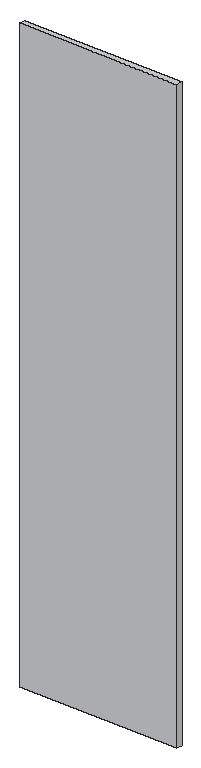
Revit family "Infil Panel", category Casework, Revit 2016
Family settings
  OmniClass Number = 23.40.35.00
  OmniClass Title = Casework
  Work Plane-Based = No
  Always vertical = Yes
  Cut with Voids When Loaded = No
  Shared = No
  Room Calculation Point = No
Parameters (values of type "LW19IP")
  WarrantyGuarantorParts = "www.bisley.com"  # constant formula
  WarrantyGuarantorLabour = "www.bisley.com"  # constant formula
  WarrantyDurationUnit = "Years"  # constant formula
  WarrantyDurationParts = "5"  # constant formula
  WarrantyDurationLabour = "5"  # constant formula
  WarrantyDescription = "5 Years Parts & Labour"  # constant formula
  Uniclass2015Version = "3.1"  # constant formula
  Uniclass2015Title = "Lockers"  # constant formula
  Uniclass2015Code = "Pr_40_30_78_48"  # constant formula
  URL = "www.bisley.com"
  SustainabilityPerformance = "FSC Approved"  # constant formula
  SerialNumber = ""
  NominalWidth = Width  # 500 mm
  NominalLength = Depth  # 18 mm
  NominalHeight = Height  # 1900 mm
  Name = "Infil Panel"  # constant formula
  NBSReference = "45-35-80/380"  # constant formula
  NBSDescription = "General fittings, furnishings and equipment system"  # constant formula
  ModelReference = "LW19IP"
  Model = "Abode"  # constant formula
  Material = "MFC"  # constant formula
  ManufacturerURL = "www.bisley.com"  # constant formula
  Manufacturer = "Bisley"  # constant formula
  ManufactureName = "Bisley"  # constant formula
  Finish = "Matt"  # constant formula
  DurationUnit = "Years"  # constant formula
  Depth = 18 mm
  Height = 1900 mm
  Width = 500 mm
  Carcass Material = "MFC"  # constant formula
  Author = "Bisley"  # constant formula
  AssetType = "Fixed"  # constant formula
Types (3, lengths in mm): name | NominalHeight | ModelReference | Height
  (no name) | 1900 | "LW19IP" | 1900
  LW19IP | 1900 | "LW19IP" | 1900
  LW23IP | 2300 | "LW23IP" | 2300
Reference planes
  plane 1 "Back": y = 0
  plane 2: z = 0
  plane 3 "Center (Left/Right)": x = 44.7
  plane 4 "Front": y = -18
  plane 5 "Left": x = -205.3
  plane 6 "Right": x = 294.7
  plane 7 "Top": z = 1900
Forms (mm)
  Extrusion 1, solid, not visible
    sketch origin (-1691.73, 346.204, -12) x (1, 0, 0) y (0, 0, 1)
      loop
        line (48, 12) -> (56, 12) -> (56, 20) -> (48, 20) -> (48, 12)
    from 0 to 26
  Extrusion 2, solid, not visible
    sketch origin (-1683.73, 346.204, -12) x (-1, 0, 0) y (0, 0, -1)
      loop
        line (48, -12) -> (48, -20) -> (56, -20) -> (56, -12) -> (48, -12)
    from 0 to 26
  Extrusion 3, solid, not visible
    sketch origin (-1687.73, 350.204, -3.997) x (0, 1, 0) y (0, 0, 1)
      loop
        line (-26, 3.997) -> (-26, 11.997) -> (-34, 11.997) -> (-34, 3.997) -> (-26, 3.997)
    from -52 to 52
  Extrusion 4, solid
    sketch origin (0, 0, 0) x (1, 0, 0) y (0, 1, 0)
      loop
        line (-205.3, -18) -> (294.7, -18) -> (294.7, 0) -> (-205.3, 0) -> (-205.3, -18)
    from 0 to 1900
Dimensions and locks
  "Width": plane 6 "Right" to plane 5 "Left"
  equal spacing: plane 6 "Right", plane 3 "Center (Left/Right)", plane 5 "Left"
  "Depth": plane 4 "Front" to plane 1 "Back"
  "Height": level to plane 7 "Top"
  aligned and locked: level to plane 2
  aligned and locked: plane 4 "Front" to Extrusion 4 sketch curve
  aligned and locked: Extrusion 4 sketch curve to plane 5 "Left"
  aligned and locked: Extrusion 4 sketch curve to plane 1 "Back"
  aligned and locked: plane 6 "Right" to Extrusion 4 sketch curve
  aligned and locked: Extrusion 4 to level
  aligned and locked: Extrusion 4 to plane 7 "Top"
Automatic sketch dimensions
  Extrusion 1 sketch curve to Extrusion 1 sketch curve = 8 mm  (x2)
  Extrusion 2 sketch curve to Extrusion 2 sketch curve = 8 mm  (x2)
  Extrusion 3 sketch curve to Extrusion 3 sketch curve = 8 mm  (x2)
